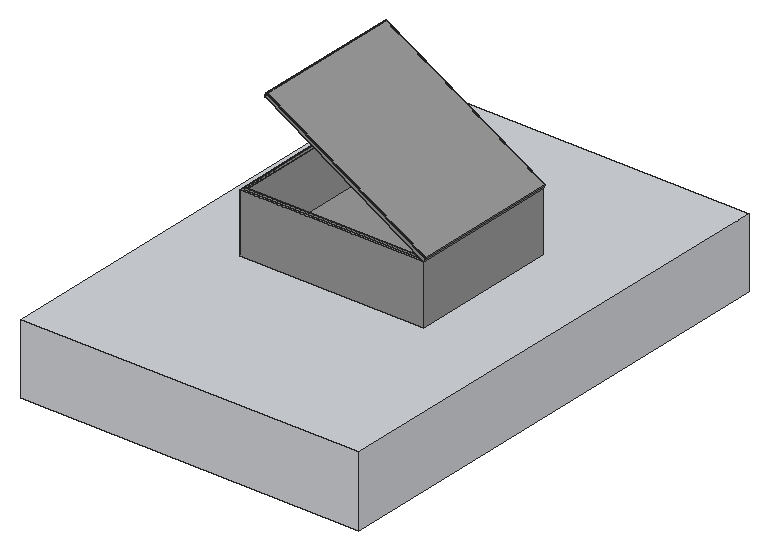
Revit family "Hager-Univers-IP55-D275-H650-Cl.II-Steel_encl-CH-de", category Equipement électrique, Revit 2020
Family settings
  Hôte = Face
  Configuration du panneau = Deux colonnes, circuits au sein
  Cote de connecteur circulaire = Utiliser le diamètre
  Type d'élément = Tableau de raccordement
  Couper avec des vides une fois chargée = Non
  Partagée = Non
  Point de calcul de pièce = Non
Parameters (values of type "Aufputz IP55 B800 H650 T275  - FR43S")
  Width Control [instance] = if([EF000008 - Breite] > Min Width, [EF000008 - Breite], Min Width)  # 800 mm
  Commentaires du type = [HG000003 - Bereich]  # "Univers"
  Thickness Door [instance] = if([EF009171 - Materialstärke Tür/Deckel] > 3 mm, 3 mm, [EF009171 - Materialstärke Tür/Deckel])  # 1.5 mm
  Seal Frame Offset [instance] = 17 mm  # constant formula
  Plinth Visibility [instance] = [HG000027 - Sockelhöhe] > 0 mm  # no
  Model = ""
  Min Width [instance] = 100 mm  # constant formula
  Min Height [instance] = 100 mm  # constant formula
  Min Depth [instance] = (2 * [EF009170 - Materialstärke Gehäuse]) + 1 mm  # 4 mm
  Internal Frame Depth [instance] = (Door System Depth * 0.5)  # 9 mm
  Height Control [instance] = if([EF000040 - Höhe] > Min Height, [EF000040 - Höhe], Min Height)  # 650 mm
  HG000027 - Sockelhöhe = 0 mm
  HG000026 - Stehend auf dem Boden = no
  HG000024 - Höhe des unteren Teils = 800 mm
  HG000023 - Gehäuse mit doppeltem Querschnitt = no
  HG000016 - 3D-Türsichtbarkeit [instance] = yes
  HG000015 - Sichtbarkeit der Türöffnung [instance] = no
  HG000014 - Tür rechts [instance] = yes
  HG000013 - Tür links [instance] = not([HG000014 - Tür rechts])  # no
  HG000012 - Türschwenkwinkel [instance] = 30.00°
  HG000010 - Asymmetrische Türen = no
  HG000009 - Doppelflügeligen Tür = no
  HG000006 - Unterputz = no
  HG000004 - Herstellerreferenz = "FR43S"
  HG000003 - Bereich = "Univers"
  HG000002 - Mit tür = yes
  Frame Offset Bottom [instance] = 10 mm  # constant formula
  Frame Offset [instance] = 15 mm  # constant formula
  EF015940 - Deckel mit Überdruckentlastung = no
  EF011959 - Schutzart (NEMA) = ""
  EF009554 - Anzahl der Öffnungen für Flanschplatten = 6
  Fabricant = "Hager"  # constant formula
  EF009212 - Ausführung Deckel = "EV000116 - geschlossen"
  EF009171 - Materialstärke Tür/Deckel = 1.5 mm
  EF009170 - Materialstärke Gehäuse = 1.5 mm
  EF008873 - Nennstrom (In) = 800 A
  EF007800 - Geeignet für Blitzschutz = no
  EF006306 - Mit Schloss = no
  EF006244 - Transparenter Deckel/Tür = no
  EF005474 - Schutzart (IP) = "EV006420 - IP55"
  EF004464 - Art der Tür = "EV002646 - Einzel"
  EF004427 - Anzahl der Module = 144
  EF004293 - Schlagfestigkeit = "EV008784 - IK10"
  EF003532 - Geeignet für Außengebrauch = no
  EF002950 - Breite in Teilungseinheiten = 24
  EF001613 - Funktionserhalt = "EV000494 - ohne"
  EF001596 - Werkstoff des Gehäuses = "EV000179 - Stahl"
  EF001131 - Innentiefe = 275 mm
  EF001088 - Anbaumöglichkeit = yes
  EF000437 - Anzahl der Leitungseinführungen = 6
  EF000339 - Art der Abdeckung = "EV004216 - Tür"
  EF000266 - Anzahl der Reihen = 4
  EF000218 - Einbautiefe = 0 mm
  EF000118 - Mit Montageplatte = no
  EF000116 - RAL-Nummer = "7035"
  EF000049 - Tiefe = 275 mm
  EF000040 - Höhe = 650 mm
  EF000008 - Breite = 800 mm
  EF000007 - Farbe = "EV000270 - grau"
  EF000003 - Montageart = "EV000384 - Aufputz"
  Door System Leaf Tolerance [instance] = 1.5 mm  # constant formula
  Door System Depth [instance] = 18 mm  # constant formula
  Door Height [instance] = Height Control - [HG000027 - Sockelhöhe]  # 650 mm
  Depth Control [instance] = if([EF000049 - Tiefe] > Min Depth, [EF000049 - Tiefe], Min Depth)  # 275 mm
  Default Elevation = 0 mm
  Connector Offset [instance] = Height Control / 2  # 325 mm
  Bottom Top Plate Trim [instance] = 1.5 mm  # constant formula
  Plinth height Ctrl [instance] = if([HG000027 - Sockelhöhe] > 0 mm, [HG000027 - Sockelhöhe], 12 mm)  # 12 mm
Types (5, lengths in mm): name | Width Control | HG000010 - Asymmetrische Türen | HG000009 - Doppelflügeligen Tür | HG000004 - Herstellerreferenz | EF009554 - Anzahl der Öffnungen für Flanschplatten | EF004464 - Art der Tür | EF004427 - Anzahl der Module | EF000437 - Anzahl der Leitungseinführungen | EF000008 - Breite
  Aufputz IP55 B1050 H650 T275  - FR44S | 1050 | no | yes | "FR44S" | 8 | "EV003602 - Doppel" | 192 | 8 | 1050
  Aufputz IP55 B1300 H650 T275  - FR45S | 1300 | yes | yes | "FR45S" | 10 | "EV003602 - Doppel" | 240 | 10 | 1300
  Aufputz IP55 B300 H650 T275  - FR41S | 300 | no | no | "FR41S" | 2 | "EV002646 - Einzel" | 48 | 2 | 300
  Aufputz IP55 B550 H650 T275  - FR42S | 550 | no | no | "FR42S" | 4 | "EV002646 - Einzel" | 96 | 4 | 550
  Aufputz IP55 B800 H650 T275  - FR43S | 800 | no | no | "FR43S" | 6 | "EV002646 - Einzel" | 144 | 6 | 800
Reference planes
  plane 1 "Center (Front/Back)": y = 0
  plane 2: z = 0
  plane 3 "Center (Left/Right)": x = 0
  plane 4: z = 275
  plane 5: y = 1.5
  plane 6: y = 325
  plane 7: y = 0
  plane 8: y = 650
  plane 9: z = 0
  plane 10: x = -385
  plane 11: x = 385
  plane 12: x = 383.5
  plane 13: x = -383.5
  plane 14: y = 648.5
  plane 15: x = -383
  plane 16: x = -400
  plane 17: x = 383
  plane 18: x = 400
  plane 19: x = 398.5
  plane 20: x = -398.5
  plane 21: y = 11.5
  plane 22: y = 650
  plane 23: y = 633.5
  plane 24: z = 257
  plane 25: z = 1.5
  plane 26: z = 255.5
  plane 27: z = 273.5
Forms (mm)
  Extrusion 1, solid
    sketch origin (0, 0, 0) x (1, 0, 0) y (0, 1, 0)
      loop
        line (-702.964, 1305) -> (-702.964, -811.445) -> (766.763, -811.445) -> (766.763, 1305) -> (-702.964, 1305)
    from 0 to -304.8
  Extrusion 2, solid, material "Hager_Steel_RAL7035_Light_Grey", visible <- "Plinth Visibility", detail levels medium+fine
    sketch origin (0, 0, 0) x (1, 0, 0) y (0, 1, 0)
      loop
        line (-400, 0) -> (400, 0) -> (400, 12) -> (-400, 12) -> (-400, 0)
    from 0 to 257
  Extrusion 3, solid, material "Hager_Steel_RAL7035_Light_Grey", detail levels medium+fine
    sketch origin (0, 0, 0) x (1, 0, 0) y (0, 1, 0)
      loop
        line (-400, 0) -> (400, 0) -> (400, 650) -> (-400, 650) -> (-400, 0)
    from 0 to 257
  Extrusion 4, void
    sketch origin (0, 0, 0) x (1, 0, 0) y (0, 1, 0)
      loop
        line (-398.5, 1.5) -> (398.5, 1.5) -> (398.5, 648.5) -> (-398.5, 648.5) -> (-398.5, 1.5)
    from 1.5 to 255.5
  Extrusion 5, void
    sketch origin (-381.607, -4572, 257) x (0, -1, 0) y (-1, 0, 0)
      loop
        line (-4583.5, 1.893) -> (-5205.5, 1.893) -> (-5205.5, -765.107) -> (-4583.5, -765.107) -> (-4583.5, 1.893)
    from 0 to 1.5 <- "EF009170 - Materialstärke Gehäuse"
  Extrusion 6, solid, material "Hager_Steel_RAL7035_Light_Grey", detail levels fine
    sketch origin (0, 0, 257) x (1, 0, 0) y (0, 1, 0)
      loop
        line (-383.5, 633.5) -> (-383.5, 11.5) -> (383.5, 11.5) -> (383.5, 633.5) -> (-383.5, 633.5)
      loop
        line (-385, 10) -> (385, 10) -> (385, 635) -> (-385, 635) -> (-385, 10)
    from 0 to 9 <- "Internal Frame Depth"
  Extrusion 7, solid, material "Hager_Steel_RAL7035_Light_Grey", detail levels coarse
    sketch origin (0, 0, 0) x (1, 0, 0) y (0, 1, 0)
      loop
        line (-400, 0) -> (400, 0) -> (400, 650) -> (-400, 650) -> (-400, 0)
    from 0 to 275
  Sweep 8, void
    path in 3D
      loop
        line (-400, 12, 0) -> (400, 12, 0) -> (400, 12, 257) -> (-400, 12, 257) -> (-400, 12, 0)
    profile origin (-400, 12, 128.5) x (-1, 0, 0) y (0, -1, 0)
      loop
        line (0, 0) -> (0, 1.5) -> (-1.5, 1.5)
        arc (-1.5, 1.5) -> (-1.061, 0.439) -> (0, 0) r 1.5
Cuts and joins
  Extrusion 4, Extrusion 5 cuts Extrusion 3
  Sweep 8 cuts Extrusion 2
Lines and regions (mm)
  Masking region 1
    outline origin (0, 0, 0) x (1, 0, 0) y (0, 0, 1)
      loop
        line (-400, 275) -> (-400, 0) -> (400, 0) -> (400, 275) -> (-400, 275)
  Masking region 2, detail levels medium+fine
    outline origin (0, 140, 0) x (0, 1, 0) y (0, 0, 1)
      loop
        line (-140, 0) -> (510, 0) -> (510, 257) -> (-140, 257) -> (-140, 0)
  Masking region 3, not visible, detail levels medium+fine
    outline origin (0, 297.922, 0) x (0, 1, 0) y (0, 0, 1)
      loop
        line (38.578, 0) -> (78.578, 0) -> (78.578, 263.5)
        arc (78.578, 263.5) -> (75.649, 270.571) -> (68.578, 273.5) r 10
        line (68.578, 273.5) -> (38.578, 273.5) -> (38.578, 0)
  Masking region 4, detail levels coarse
    outline origin (0, 0, 180) x (0, 1, 0) y (0, 0, 1)
      loop
        line (0, -180) -> (650, -180) -> (650, 95) -> (0, 95) -> (0, -180)
  Masking region 5, visible <- "Plinth Visibility", detail levels medium+fine
    outline origin (0, 52.24, 12.345) x (0, 0, -1) y (0, 1, 0)
      loop
        line (10.845, -40.24) -> (-243.155, -40.24)
        arc (-243.155, -40.24) -> (-243.594, -41.301) -> (-244.655, -41.74) r 1.5
        line (-244.655, -41.74) -> (-244.655, -52.24) -> (12.345, -52.24) -> (12.345, -41.74)
        arc (12.345, -41.74) -> (11.285, -41.301) -> (10.845, -40.24) r 1.5
  Masking region 6, detail levels medium+fine
    outline origin (-381.607, -4572, 257) x (-1, 0, 0) y (0, -1, 0)
      loop
        line (18.393, -5222) -> (18.393, -4572) -> (-781.607, -4572) -> (-781.607, -5222) -> (18.393, -5222)
  Masking region 7, visible <- "Plinth Visibility", detail levels medium+fine
    outline origin (-381.607, -4727, 257) x (-1, 0, 0) y (0, -1, 0)
      loop
        arc (16.893, -4739) -> (17.332, -4737.939) -> (18.393, -4737.5) r 1.5
        line (18.393, -4737.5) -> (18.393, -4727) -> (-781.607, -4727) -> (-781.607, -4737.5)
        arc (-781.607, -4737.5) -> (-780.546, -4737.939) -> (-780.107, -4739) r 1.5
        line (-780.107, -4739) -> (16.893, -4739)
  Masking region 8, detail levels coarse
    outline origin (-442.548, -4669.526, 257) x (-1, 0, 0) y (0, -1, 0)
      loop
        line (-42.548, -5319.526) -> (-42.548, -4669.526) -> (-842.548, -4669.526) -> (-842.548, -5319.526) -> (-42.548, -5319.526)
  sketch lines
    curve 1: line (-400, 12, 257) -> (-400, 12, 0)
    curve 2: line (400, 12, 257) -> (-400, 12, 257)
    curve 3: line (400, 12, 257) -> (400, 12, 0)
    curve 4: line (-400, 12, 0) -> (400, 12, 0)
Dimensions and locks
  "Depth Control": plane 4 to Extrusion 1
  "HG000027 - Sockelhöhe": plane 1 "Center (Front/Back)" to plane 7
  "EF009170 - Materialstärke Gehäuse": plane 5 to plane 7
  locked: connector elem to plane 3 "Center (Left/Right)"
  equal spacing: plane 8, plane 6, plane 7
  locked: connector elem to plane 6
  "EF009170 - Materialstärke Gehäuse": plane 8 to plane 14
  "EF009170 - Materialstärke Gehäuse": plane 10 to plane 13
  "EF009170 - Materialstärke Gehäuse": plane 12 to plane 11
  "Frame Offset": plane 20 to plane 13
  "Frame Offset": plane 12 to plane 19
  "EF009170 - Materialstärke Gehäuse": plane 16 to plane 20
  "EF009170 - Materialstärke Gehäuse": plane 19 to plane 18
  "Seal Frame Offset": plane 16 to plane 15
  "Seal Frame Offset": plane 17 to plane 18
  "Frame Offset Bottom": plane 21 to plane 5
  "Frame Offset": plane 14 to plane 23
  equal spacing: plane 16, plane 3 "Center (Left/Right)", plane 18
  "Width Control": plane 16 to plane 18
  "EF009170 - Materialstärke Gehäuse": plane 4 to plane 27
  "EF009170 - Materialstärke Gehäuse": plane 24 to plane 26
  "EF009170 - Materialstärke Gehäuse": plane 25 to level
  "Door System Depth": plane 4 to plane 24
  "Height Control": plane 1 "Center (Front/Back)" to Extrusion 7 sketch curve
  "Height Control": Masking region 4 sketch curve to plane 1 "Center (Front/Back)"
  "Height Control": plane 1 "Center (Front/Back)" to plane 22
  "Bottom Top Plate Trim": profile plane to Sweep 8 sketch curve
  "Bottom Top Plate Trim": Sweep 8 sketch curve to profile plane
  "Plinth height Ctrl": plane 1 "Center (Front/Back)" to Extrusion 2 sketch curve
  "Plinth height Ctrl": Masking region 5 sketch curve to plane 1 "Center (Front/Back)"
  "Plinth height Ctrl": plane 1 "Center (Front/Back)" to Masking region 7 sketch curve
  "Thickness Door": Extrusion 6 sketch curve to Extrusion 6 sketch curve  (x3)
  "Thickness Door": cut or joined group of Extrusion 3, Extrusion 4, Extrusion 5 to Extrusion 6 sketch curve
  radius of Masking region 3 sketch curve = 10 mm
  "Bottom Top Plate Trim": radius of Masking region 5 sketch curve  (x2)
  "Bottom Top Plate Trim": radius of Sweep 8 sketch curve
  "Bottom Top Plate Trim": radius of Masking region 7 sketch curve  (x2)
  aligned and locked: plane 2 to Extrusion 1
  aligned and locked: level to Extrusion 1
  aligned and locked: level to Masking region 1 sketch curve
  aligned and locked: Masking region 1 sketch curve to plane 18
  aligned and locked: Masking region 1 sketch curve to plane 16
  aligned and locked: plane 7 to Masking region 2 sketch curve
  aligned and locked: level to Masking region 3 sketch curve
  aligned and locked: Masking region 3 sketch curve to plane 27
  aligned and locked: level to Masking region 2 sketch curve
  aligned and locked: plane 1 "Center (Front/Back)" to Extrusion 2 sketch curve
  aligned and locked: Extrusion 3 sketch curve to plane 7
  aligned and locked: plane 16 to Extrusion 3 sketch curve
  aligned and locked: plane 18 to Extrusion 3 sketch curve
  aligned and locked: plane 20 to Extrusion 4 sketch curve
  aligned and locked: plane 19 to Extrusion 4 sketch curve
  aligned and locked: Extrusion 4 sketch curve to plane 5
  aligned and locked: Extrusion 4 to plane 25
  aligned and locked: plane 26 to Extrusion 4
  aligned and locked: plane 24 to Extrusion 3
  aligned and locked: Extrusion 5 sketch curve to plane 21
  aligned and locked: Extrusion 5 sketch curve to plane 13
  aligned and locked: Extrusion 5 sketch curve to plane 12
  aligned and locked: plane 18 to Extrusion 7 sketch curve
  aligned and locked: plane 1 "Center (Front/Back)" to Extrusion 7 sketch curve
  aligned and locked: plane 16 to Extrusion 7 sketch curve
  aligned and locked: plane 4 to Extrusion 7
  aligned and locked: Extrusion 7 to level
  aligned and locked: level to Masking region 4 sketch curve
  aligned and locked: Masking region 4 sketch curve to plane 1 "Center (Front/Back)"
  aligned and locked: Masking region 4 sketch curve to plane 4
  aligned and locked: nested 1 to level
  aligned and locked: nested 1 to plane 16
  aligned and locked: plane 8 to Extrusion 3 sketch curve
  aligned and locked: plane 23 to Extrusion 5 sketch curve
  aligned and locked: plane 14 to Extrusion 4 sketch curve
  aligned and locked: Masking region 2 sketch curve to plane 8
  aligned and locked: level to Masking region 5 sketch curve
  aligned and locked: plane 16 to Extrusion 2 sketch curve
  aligned and locked: plane 18 to Extrusion 2 sketch curve
  aligned and locked: Masking region 5 sketch curve to plane 24
  aligned and locked: Masking region 2 sketch curve to plane 24
  aligned and locked: plane 24 to Extrusion 2
  aligned and locked: profile plane to Sweep 8 sketch curve  (x2)
  aligned and locked: Masking region 6 sketch curve to plane 18
  aligned and locked: Masking region 6 sketch curve to plane 22
  aligned and locked: Masking region 6 sketch curve to plane 16
  aligned and locked: plane 8 to plane 22
  aligned and locked: Masking region 6 sketch curve to plane 7
  aligned and locked: Masking region 7 sketch curve to plane 16
  aligned and locked: Masking region 7 sketch curve to plane 1 "Center (Front/Back)"
  aligned and locked: Masking region 7 sketch curve to plane 18
  aligned and locked: Masking region 8 sketch curve to plane 1 "Center (Front/Back)"
  aligned and locked: Masking region 8 sketch curve to plane 18
  aligned and locked: Masking region 8 sketch curve to plane 22
  aligned and locked: Masking region 8 sketch curve to plane 16
  aligned and locked: nested 2 to plane 7
  aligned and locked: plane 3 "Center (Left/Right)" to nested 2
  aligned and locked: nested 2 to plane 24
  aligned and locked: Extrusion 6 sketch curve to cut or joined group of Extrusion 3, Extrusion 4, Extrusion 5  (x4)
Automatic sketch dimensions
  Extrusion 1 sketch curve to Extrusion 1 sketch curve = 1469.727 mm
  Extrusion 1 sketch curve to Extrusion 1 sketch curve = 2116.445 mm
  Masking region 1 sketch curve to plane 4 = 0 mm
  plane 6 to Masking region 3 sketch curve = 11.5 mm
  Masking region 3 sketch curve to Masking region 3 sketch curve = 30 mm
  Masking region 5 sketch curve to plane 1 "Center (Front/Back)" = 0 mm
Nested families
  nested 1: "Hager_Enclosure_Symbol" at (-400, 0, 0) x (1, 0, 0) z (0, -1, 0), Height <- "Depth Control", Width <- "Width Control", type "Hager_Enclosure_Symbol"
    with Width_Ctrl 800 mm, Width 800 mm, Height_Ctrl 275 mm, Height 275 mm, A_Width_Int 18.047 mm, A_Width 216.562 mm, A_Height_Ctrl 240.625 mm, A_Height 240.625 mm
  nested 2: "EC000058_Univers_Door" at (0, 0, 257) x (1, 0, 0) z (0, 1, 0), Leaf_Tolerance <- "Door System Leaf Tolerance", Angle <- "HG000012 - Türschwenkwinkel", Door_Depth <- "Door System Depth", Door_Left <- "HG000013 - Tür links", Transparent <- "EF006244 - Transparenter Deckel/Tür", Assymetrical <- "HG000010 - Asymmetrische Türen", Width <- "Width Control", Clearance <- "HG000015 - Sichtbarkeit der Türöffnung", Double <- "HG000009 - Doppelflügeligen Tür", 3d_Door <- "HG000016 - 3D-Türsichtbarkeit", Lock_Visibility <- "EF006306 - Mit Schloss", Width_Ctrl <- "Width Control", Door_Right <- "HG000014 - Tür rechts", Door <- "HG000002 - Mit tür", Height <- "Door Height", Thickness <- "Thickness Door", type "EC000058_Univers_Door", detail levels medium+fine
    with min_wh 4 mm, Width_Ctrl 800 mm, Width 800 mm, Transparent no, Thickness 1.5 mm, Seal_Material Hager_Rubber, Lock_Visibility no, Lock_Material Hager_Plastic_RAL9005_Jet_Black, Leaf_Width 800 mm, Leaf_Tolerance_External_Sides 0 mm, Leaf_Tolerance 1.5 mm, Leaf_Offset 0 mm, Leaf_Height 647 mm, Leaf_2_Width 800 mm, Leaf_2_Offset 400 mm, Leaf_1_Width 800 mm, Leaf_1_Offset 400 mm, Height_Ctrl 650 mm, Height 650 mm, Glass_Material Hager_Glass, Double_Clearance_Ctrl no, Double no, Door_Right_Ctrl yes, Door_Right yes, Door_Material Hager_Steel_RAL7035_Light_Grey, Door_Left_Ctrl no, Door_Left no, Door_Depth 18 mm, Door yes, Clearance_Material Hager_Clearance, Clearance_Depth 800 mm, Clearance_Ctrl no, Clearance no, Assymetrical no, Angle 30.00°, 3d_Door yes
Connectors
  electrical at (0, 325, 0)
    settings: on plane 9, index 1, voltage 0 V, apparent load 0 VA, apparent load phase1 0 VA, apparent load phase2 0 VA, apparent load phase3 0 VA, power factor 1, load classification "Other", number of poles 1, system type 30, power factor state 1, is connector primary yes, connector utility no, sub classification motor no, connector description ""
Definition of nested family "EC000058_Univers_Door"
  Parameters (values of type "EC000058_Univers_Door")
    min_wh [instance] = (2 * Thickness) + 1 mm  # 11 mm
    Width_Ctrl [instance] = 400 mm
    Width [instance] = 500 mm
    Transparent [instance] = yes
    Thickness [instance] = 5 mm
    Seal_Material [instance] = none
    Lock_Visibility [instance] = yes
    Lock_Material [instance] = none
    Leaf_Width [instance] = if((Width_Ctrl - 2 * Leaf_Tolerance_External_Sides) > 0 mm, (Width_Ctrl - 2 * Leaf_Tolerance_External_Sides), min_wh)  # 400 mm
    Leaf_Tolerance_External_Sides [instance] = 0 mm  # constant formula
    Leaf_Tolerance [instance] = 1.5 mm
    Leaf_Offset [instance] = 0 mm  # constant formula
    Leaf_Height [instance] = if((Height_Ctrl - 2 * Leaf_Tolerance) > 0 mm, (Height_Ctrl - 2 * Leaf_Tolerance), min_wh)  # 497 mm
    Leaf_2_Width [instance] = if(and(and(Double, Assymetrical), Door_Left), (Leaf_Width / 3) - (Leaf_Tolerance / 2), if(and(and(Double, Assymetrical), Door_Right), (Leaf_Width / 3) * 2 - (Leaf_Tolerance / 2), if(and(Double, not(Assymetrical)), (Leaf_Width / 2) - Leaf_Tolerance, Leaf_Width)))  # 400 mm
    Leaf_2_Offset [instance] = if(and(Double, Assymetrical), Leaf_2_Width / 2, if(and(Double, not(Assymetrical)), Leaf_Width / 4, Leaf_Width / 2))  # 200 mm
    Leaf_1_Width [instance] = if(and(and(Double, Assymetrical), Door_Right), (Leaf_Width / 3) - (Leaf_Tolerance / 2), if(and(and(Double, Assymetrical), Door_Left), (Width / 3) * 2 - (Leaf_Tolerance / 2), if(and(Double, not(Assymetrical)), (Leaf_Width / 2) - Leaf_Tolerance, Leaf_Width)))  # 400 mm
    Leaf_1_Offset [instance] = if(and(Double, Assymetrical), Leaf_1_Width / 2, if(and(Double, not(Assymetrical)), Leaf_Width / 4, Leaf_Width / 2))  # 200 mm
    Height_Ctrl [instance] = if(Height > min_wh, Height, min_wh)  # 500 mm
    Height [instance] = 500 mm
    Glass_Material [instance] = none
    Double_Clearance_Ctrl [instance] = and(Double, Clearance)  # no
    Double [instance] = no
    Door_Right_Ctrl [instance] = and(or(Door_Right, Double), Door)  # yes
    Door_Right [instance] = yes
    Door_Material [instance] = none
    Door_Left_Ctrl [instance] = and(or(Door_Left, Double), Door)  # no
    Door_Left [instance] = no
    Door_Depth [instance] = 30 mm
    Door [instance] = yes
    Default Elevation = 1219.2 mm
    Clearance_Material [instance] = none
    Clearance_Depth [instance] = if(Leaf_1_Width > Leaf_2_Width, Leaf_1_Width, Leaf_2_Width)  # 400 mm
    Clearance_Ctrl [instance] = and(not(Double), Clearance)  # yes
    Clearance [instance] = yes
    Assymetrical [instance] = yes
    Angle [instance] = 30.00°
    3d_Door [instance] = yes
  Reference planes
    plane 1 "Center (Front/Back)": y = 0
    plane 2 "Bottom": z = 0
    plane 3 "Center (Left/Right)": x = 0
    plane 4: z = 500
    plane 5: x = -200
    plane 6: x = 200
    plane 7: z = 500
    plane 8: x = -200
    plane 9: z = 0
    plane 10: x = 200
    plane 11: y = 0
    plane 12: z = 1.5
    plane 13: x = -600
    plane 14: y = -400
    plane 15: x = 600
    plane 16: x = 0
    plane 17: x = 0
    plane 18: x = -200
    plane 19: x = 200
    plane 20: z = 498.5
  Forms (mm)
    Extrusion 1, solid, material <- "Clearance_Material", visible <- "Double_Clearance_Ctrl"
      sketch origin (1200, 0, 0) x (1, 0, 0) y (0, 0, -1)
        loop
          line (-1800, -498.5) -> (-600, -498.5) -> (-600, 0) -> (-1800, 0) -> (-1800, -498.5)
      from 0 to -400
  Dimensions and locks
    equal spacing: plane 5, plane 3 "Center (Left/Right)", plane 6
    "Width_Ctrl": plane 5 to plane 6
    "Leaf_Offset": plane 5 to plane 8
    "Leaf_Offset": plane 6 to plane 10
    "Leaf_Offset": plane 9 to level
    "Leaf_Offset": plane 4 to plane 7
    "Height_Ctrl": plane 4 to level
    "Leaf_Tolerance": plane 12 to plane 9
    locked: plane 11 to plane 1 "Center (Front/Back)"
    "Leaf_1_Offset": plane 18 to plane 16
    "Leaf_2_Offset": plane 17 to plane 19
    "Leaf_1_Width": plane 13 to plane 8
    "Leaf_2_Width": plane 10 to plane 15
    "Clearance_Depth": plane 14 to plane 1 "Center (Front/Back)"
    "Leaf_Tolerance_External_Sides": plane 8 to plane 18
    "Leaf_Tolerance_External_Sides": plane 19 to plane 10
    "Leaf_Tolerance": plane 7 to plane 20
    aligned and locked: level to plane 2 "Bottom"
    aligned and locked: nested 1 to plane 16
    aligned and locked: nested 2 to plane 17
    aligned and locked: Extrusion 1 to plane 13
    aligned and locked: plane 15 to Extrusion 1
    aligned and locked: Extrusion 1 to plane 14
    aligned and locked: plane 12 to nested 1
    aligned and locked: nested 2 to plane 12
    aligned and locked: Extrusion 1 to plane 11
    aligned and locked: plane 20 to Extrusion 1
    aligned and locked: nested 2 to plane 11
    aligned and locked: nested 1 to plane 11
  Automatic sketch dimensions
    Extrusion 1 sketch curve to level = 0 mm
    plane 5 to Extrusion 1 sketch curve = 400 mm
    plane 6 to Extrusion 1 sketch curve = 400 mm
    Extrusion 1 sketch curve to plane 4 = 1.5 mm
  Nested families
    nested 1: "EC000058_Univers_Door_Leaf" at (0, 0, 1.5), Width <- "Leaf_1_Width", visible <- "Door_Left_Ctrl", Leaf_Height <- "Leaf_Height", Angle <- "Angle", 3d_Door <- "3d_Door", Transparent <- "Transparent", Clearance Material <- "Clearance_Material", Clearance <- "Clearance_Ctrl", Door_Material <- "Door_Material", Glass_Material <- "Glass_Material", Door_Depth <- "Door_Depth", Lock_Material <- "Lock_Material", Seal_Material <- "Seal_Material", Lock_Visibility <- "Lock_Visibility", Thickness <- "Thickness", type "EC000058_Univers_Door_Leaf"
      with Width 400 mm, Transparent_Glass_Offset 30 mm, Transparent_Ctrl yes, Transparent yes, Thickness 5 mm, Standard no, Seal_Material none, Seal_D2 8 mm, Seal_D1 1 mm, Offset_Internal_Frame 10 mm, Lock_Width 20 mm, Lock_Visibility_3d yes, Lock_Visibility yes, Lock_Thickness_3 3 mm, Lock_Thickness_2 1 mm, Lock_Thickness_1 3 mm, Lock_Radius_Offset_2 16 mm, Lock_Radius_Offset_1 15 mm, Lock_Radius_2 5 mm, Lock_Radius 6 mm, Lock_Offset 5 mm, Lock_Material none, Lock_Height 80 mm, Lock_Cover_Top_Offset_2d 17 mm, Lock_Cover_Height -65 mm, Leaf_Height 497 mm, Internal_Seal_Thickness 8 mm, Internal_Seal_Depth_2 4.5 mm, Internal_Frame_Depth 25 mm, Glass_Thickness -1 mm, Glass_Offset -2 mm, Glass_Material none, Door_Material none, Door_Depth 30 mm, Clearance Material none, Clearance yes, Angle_Ctrl 30.00°, Angle 30.00°, 3d_Door yes
    nested 2: "EC000058_Univers_Door_Leaf" at (0, 0, 1.5) x (-1, 0, 0) z (0, 0, 1), Width <- "Leaf_2_Width", visible <- "Door_Right_Ctrl", Leaf_Height <- "Leaf_Height", Angle <- "Angle", 3d_Door <- "3d_Door", Transparent <- "Transparent", Clearance Material <- "Clearance_Material", Clearance <- "Clearance_Ctrl", Door_Material <- "Door_Material", Glass_Material <- "Glass_Material", Door_Depth <- "Door_Depth", Lock_Material <- "Lock_Material", Seal_Material <- "Seal_Material", Lock_Visibility <- "Lock_Visibility", Thickness <- "Thickness", type "EC000058_Univers_Door_Leaf"
      with Width 400 mm, Transparent_Glass_Offset 30 mm, Transparent_Ctrl yes, Transparent yes, Thickness 5 mm, Standard no, Seal_Material none, Seal_D2 8 mm, Seal_D1 1 mm, Offset_Internal_Frame 10 mm, Lock_Width 20 mm, Lock_Visibility_3d yes, Lock_Visibility yes, Lock_Thickness_3 3 mm, Lock_Thickness_2 1 mm, Lock_Thickness_1 3 mm, Lock_Radius_Offset_2 16 mm, Lock_Radius_Offset_1 15 mm, Lock_Radius_2 5 mm, Lock_Radius 6 mm, Lock_Offset 5 mm, Lock_Material none, Lock_Height 80 mm, Lock_Cover_Top_Offset_2d 17 mm, Lock_Cover_Height -65 mm, Leaf_Height 497 mm, Internal_Seal_Thickness 8 mm, Internal_Seal_Depth_2 4.5 mm, Internal_Frame_Depth 25 mm, Glass_Thickness -1 mm, Glass_Offset -2 mm, Glass_Material none, Door_Material none, Door_Depth 30 mm, Clearance Material none, Clearance yes, Angle_Ctrl 30.00°, Angle 30.00°, 3d_Door yes
  Definition of nested family "EC000058_Univers_Door_Leaf"
    Parameters (values of type "EC000058_Univers_Door_Leaf")
      Width [instance] = 2000 mm
      Transparent_Glass_Offset [instance] = 30 mm
      Transparent_Ctrl [instance] = and(Transparent, [3d_Door])  # yes
      Transparent [instance] = yes
      Thickness [instance] = 5 mm
      Standard [instance] = and(not(Transparent), [3d_Door])  # no
      Seal_Material [instance] = none
      Seal_D2 [instance] = 8 mm  # constant formula
      Seal_D1 [instance] = 1 mm  # constant formula
      Offset_Internal_Frame [instance] = 10 mm  # constant formula
      Lock_Width [instance] = 20 mm  # constant formula
      Lock_Visibility_3d [instance] = and(Lock_Visibility, [3d_Door])  # yes
      Lock_Visibility [instance] = yes
      Lock_Thickness_3 [instance] = 3 mm  # constant formula
      Lock_Thickness_2 [instance] = 1 mm  # constant formula
      Lock_Thickness_1 [instance] = 3 mm  # constant formula
      Lock_Radius_Offset_2 [instance] = Lock_Radius_Offset_1 + 1 mm  # 16 mm
      Lock_Radius_Offset_1 [instance] = 15 mm  # constant formula
      Lock_Radius_2 [instance] = Lock_Radius - 1 mm  # 5 mm
      Lock_Radius [instance] = 6 mm  # constant formula
      Lock_Offset [instance] = 5 mm  # constant formula
      Lock_Material [instance] = none
      Lock_Height [instance] = 80 mm  # constant formula
      Lock_Cover_Top_Offset_2d [instance] = Lock_Radius_Offset_2 + 1 mm  # 17 mm
      Lock_Cover_Height [instance] = -(Lock_Height - Lock_Radius_Offset_1)  # -65 mm
      Leaf_Height [instance] = 2720.336 mm
      Internal_Seal_Thickness [instance] = 8 mm  # constant formula
      Internal_Seal_Depth_2 [instance] = 4.5 mm  # constant formula
      Internal_Frame_Depth [instance] = if(Door_Depth - Thickness > 5 mm, Door_Depth - Thickness, 5 mm)  # 25 mm
      Glass_Thickness [instance] = if(Thickness > 15 mm, Glass_Offset + 10 mm, -1 mm)  # -1 mm
      Glass_Offset [instance] = if(Thickness > 15 mm, -(Thickness + 10 mm) / 2, -2 mm)  # -2 mm
      Glass_Material [instance] = none
      Door_Material [instance] = none
      Door_Depth [instance] = 30 mm
      Default Elevation = 0 mm
      Clearance Material [instance] = none
      Clearance [instance] = yes
      Angle_Ctrl [instance] = if(Angle > 180.00°, 180.00°, Angle)  # 90.00°
      Angle [instance] = 90.00°
      3d_Door [instance] = yes
    Reference planes
      plane 1 "Center (Front/Back)": y = 0
      plane 2: z = 0
      plane 3 "Center (Left/Right)": x = 0
      plane 4: y = 2000
      plane 5: x = -1000
      plane 6: x = 1000
      plane 7: x = -3000
      plane 8: z = 2720.336
      plane 9: z = 30
      plane 10: z = 2690.336
      plane 11: x = 970
      plane 12: x = -970
      plane 13: y = -3
      plane 14: z = 107.833
      plane 15: y = -5
      plane 16: y = -223.314
      plane 17: x = -1000
      plane 18: z = 1360.168
      plane 19: y = 30
    Forms (mm)
      Extrusion 1, solid, material <- "Clearance Material", visible <- "Clearance"
        sketch origin (0, 0, 0) x (1, 0, 0) y (0, 0, 1)
          loop
            line (-3000, 2720.336) -> (-3000, 0) -> (1000, 0) -> (1000, 2720.336) -> (-3000, 2720.336)
        from 0 to -2000
      Extrusion 2, solid, material <- "Door_Material", visible <- "Standard", detail levels medium+fine
        sketch origin (-1000, 0, 0) x (0, 1, 0) y (-1, 0, 0)
          loop
            line (0, 30) -> (0, 25) -> (2000, 25) -> (2000, 30) -> (0, 30)
        from 0 to 2720.336 <- "Leaf_Height"
      Extrusion 3, solid, material <- "Door_Material", visible <- "Transparent_Ctrl", detail levels medium+fine
        sketch origin (-1000, 0, 0) x (0, 1, 0) y (-1, 0, 0)
          loop
            line (0, 25) -> (2000, 25) -> (2000, 30) -> (0, 30) -> (0, 25)
        from 0 to 2720.336 <- "Leaf_Height"
      Extrusion 4, void
        sketch origin (-1025, 2000, 0) x (0, 1, 0) y (0, 0, -1)
          loop
            line (-30, -2690.336) -> (-30, -30) -> (-1970, -30) -> (-1970, -2690.336) -> (-30, -2690.336)
        from 0 to 5 <- "Thickness"
      Sweep 5, solid, material <- "Seal_Material", visible <- "Transparent_Ctrl", detail levels fine
        path in 3D
          loop
            line (-1025, 30, 30) -> (-1025, 30, 2690.336) -> (-1025, 1970, 2690.336) -> (-1025, 1970, 30) -> (-1025, 30, 30)
        profile origin (-1025, 1000, 30) x (1, 0, 0) y (0, 0, 1)
          loop
            line (0, 0) -> (0, -8) -> (1, -8) -> (1, 0) -> (0, 0)
      Extrusion 6, solid, material <- "Glass_Material", visible <- "Transparent_Ctrl", detail levels medium+fine
        sketch origin (-1030, 0, 0) x (0, 1, 0) y (0, 0, -1)
          loop
            line (1970, -2690.336) -> (1970, -30) -> (30, -30) -> (30, -2690.336) -> (1970, -2690.336)
        from -2 <- "Glass_Offset" to -1 <- "Glass_Thickness"
      Extrusion 7, solid, material <- "Door_Material", visible <- "3d_Door", detail levels medium+fine
        sketch origin (-1025, 2000, 0) x (0, -1, 0) y (0, 0, -1)
          loop
            line (0, -2720.336) -> (2000, -2720.336) -> (2000, 0) -> (0, 0) -> (0, -2720.336)
          loop
            line (1995, -5) -> (5, -5) -> (5, -2715.336) -> (1995, -2715.336) -> (1995, -5)
        from 0 to 25 <- "Internal_Frame_Depth"
      Sweep 8, solid, material <- "Seal_Material", visible <- "Transparent_Ctrl", detail levels fine
        path in 3D
          loop
            line (-1025, 0, 0) -> (-1025, 2000, 0) -> (-1025, 2000, 2720.336) -> (-1025, 0, 2720.336) -> (-1025, 0, 0)
        profile origin (-1025, 0, 1360.168) x (1, 0, 0) y (0, 1, 0)
          loop
            line (0, 10) -> (2.975, 10)
            arc (2.975, 10) -> (4.053, 10.447) -> (4.5, 11.525) r 1.525
            line (4.5, 11.525) -> (4.5, 16.527)
            arc (4.5, 16.527) -> (4.069, 17.569) -> (3.027, 18) r 1.473
            line (3.027, 18) -> (0, 18) -> (0, 10)
      Extrusion 9, solid, material <- "Lock_Material", visible <- "Lock_Visibility_3d", detail levels fine
        sketch origin (-1030, 0, 0) x (0, 1, 0) y (0, 0, -1)
          loop
            arc (1993.5, -1400.168) -> (1994.561, -1399.729) -> (1995, -1398.668) r 1.5
            line (1995, -1398.668) -> (1995, -1320.168) -> (1975, -1320.168) -> (1975, -1398.668)
            arc (1975, -1398.668) -> (1975.439, -1399.729) -> (1976.5, -1400.168) r 1.5
            line (1976.5, -1400.168) -> (1993.5, -1400.168)
        from 3 <- "Lock_Thickness_1" to 0
      Blend 10, solid, material <- "Lock_Material", visible <- "Lock_Visibility_3d", detail levels fine
        base sketch origin (-1033, 0, 0) x (0, 1, 0) y (0, 0, -1)
          loop
            line (1975, -1320.168) -> (1975, -1398.668)
            arc (1975, -1398.668) -> (1975.439, -1399.729) -> (1976.5, -1400.168) r 1.5
            line (1976.5, -1400.168) -> (1993.5, -1400.168)
            arc (1993.5, -1400.168) -> (1994.561, -1399.729) -> (1995, -1398.668) r 1.5
            line (1995, -1398.668) -> (1995, -1320.168) -> (1975, -1320.168)
        top sketch origin (-1033, 0, 0) x (0, 1, 0) y (0, 0, -1)
          loop
            line (1976, -1320.168) -> (1976, -1398.668)
            arc (1976, -1398.668) -> (1976.146, -1399.022) -> (1976.5, -1399.168) r 0.5
            line (1976.5, -1399.168) -> (1993.5, -1399.168)
            arc (1993.5, -1399.168) -> (1993.854, -1399.022) -> (1994, -1398.668) r 0.5
            line (1994, -1398.668) -> (1994, -1320.168) -> (1976, -1320.168)
        from 0 to 1 <- "Lock_Thickness_2"
      Blend 11, solid, material <- "Lock_Material", visible <- "Lock_Visibility_3d", detail levels fine
        base sketch origin (-1034, 0, 0) x (0, 1, 0) y (0, 0, -1)
          loop
            line (1978, -1320.168) -> (1978, -1384.168)
            arc (1978, -1384.168) -> (1985, -1391.168) -> (1992, -1384.168) r 7
            line (1992, -1384.168) -> (1992, -1320.168) -> (1978, -1320.168)
        top sketch origin (-1034, 0, 0) x (0, 1, 0) y (0, 0, -1)
          loop
            line (1991, -1320.168) -> (1979, -1320.168) -> (1979, -1383.168)
            arc (1979, -1383.168) -> (1985, -1389.168) -> (1991, -1383.168) r 6
            line (1991, -1383.168) -> (1991, -1320.168)
        from 0 to 3 <- "Lock_Thickness_3"
      Extrusion 12, solid, material <- "Lock_Material", visible <- "Lock_Visibility_3d", detail levels fine
        sketch origin (-1030, 1975, 1320.168) x (1, 0, 0) y (0, -1, 0)
          loop
            line (-7, -19) -> (-7, -1) -> (0, -1) -> (0, 0) -> (-8, 0) -> (-8, -20) -> (0, -20) -> (0, -19) -> (-7, -19)
        from 0 to -65 <- "Lock_Cover_Height"
      Extrusion 13, void
        sketch origin (-1038, 1995, 1320.168) x (-1, 0, 0) y (0, 0, -1)
          loop
            line (-5, -65) -> (0, -65) -> (-5, -60) -> (-5, -65)
        from 0 to 20 <- "Lock_Width"
      Extrusion 14, void
        sketch origin (-1038, 1975, 1320.168) x (0, -1, 0) y (0, 0, -1)
          loop
            circle (-10, -15.995) r 6
          loop
            circle (-10, -15.995) r 5
        from 0 to 2
      Extrusion 15, solid, material <- "Lock_Material", visible <- "Lock_Visibility_3d", detail levels medium
        sketch origin (-1030, 0, 0) x (0, 1, 0) y (0, 0, -1)
          loop
            arc (1993.5, -1400.168) -> (1994.561, -1399.729) -> (1995, -1398.668) r 1.5
            line (1995, -1398.668) -> (1995, -1320.168) -> (1975, -1320.168) -> (1975, -1398.668)
            arc (1975, -1398.668) -> (1975.439, -1399.729) -> (1976.5, -1400.168) r 1.5
            line (1976.5, -1400.168) -> (1993.5, -1400.168)
        from 8 to 0
    Cuts and joins
      Extrusion 4 cuts Extrusion 3
      Extrusion 13, Extrusion 14 cuts Extrusion 9
      Extrusion 14 cuts Blend 11
      Extrusion 13, Extrusion 14 cuts Extrusion 12
      joined: Extrusion 9, Blend 10, Blend 11, Extrusion 12
      Extrusion 14 cuts Extrusion 15
    Lines and regions (mm)
      Masking region 1, visible <- "Lock_Visibility", detail levels fine
        outline origin (0, 0, 0) x (0, 1, 0) y (0, 0, 1)
          loop
            line (30, 1320.168) -> (33, 1320.168) -> (33, 1400.168) -> (30, 1400.168) -> (30, 1320.168)
      Masking region 2, visible <- "Lock_Visibility", detail levels fine
        outline origin (0, 3.143, 0) x (0, 1, 0) y (0, 0, 1)
          loop
            line (29.857, 1354.168) -> (30.857, 1354.168) -> (30.857, 1366.168) -> (29.857, 1366.168) -> (29.857, 1354.168)
      Masking region 3, detail levels medium+fine
        outline origin (0, 0, 0) x (0, 1, 0) y (0, 0, 1)
          loop
            line (0, 0) -> (30, 0) -> (30, 2720.336) -> (0, 2720.336) -> (0, 0)
      Masking region 4, detail levels medium+fine
        outline origin (0, 0, 0) x (1, 0, 0) y (0, 0, 1)
          loop
            line (-1000, 2720.336) -> (-1000, 0) -> (1000, 0) -> (1000, 2720.336) -> (-1000, 2720.336)
      Masking region 5, visible <- "Lock_Visibility", detail levels fine
        outline origin (-47.116, 0, 0) x (1, 0, 0) y (0, 0, 1)
          loop
            arc (1024.616, 1399.168) -> (1023.556, 1398.729) -> (1023.116, 1397.668) r 1.5
            line (1023.116, 1397.668) -> (1023.116, 1320.168) -> (1041.116, 1320.168) -> (1041.116, 1397.668)
            arc (1041.116, 1397.668) -> (1040.677, 1398.729) -> (1039.616, 1399.168) r 1.5
            line (1039.616, 1399.168) -> (1024.616, 1399.168)
      Masking region 6, visible <- "Lock_Visibility", detail levels medium+fine
        outline origin (-25, 0, 0) x (1, 0, 0) y (0, 0, 1)
          loop
            arc (1001.5, 1400.168) -> (1000.439, 1399.729) -> (1000, 1398.668) r 1.5
            line (1000, 1398.668) -> (1000, 1320.168) -> (1020, 1320.168) -> (1020, 1398.668)
            arc (1020, 1398.668) -> (1019.561, 1399.729) -> (1018.5, 1400.168) r 1.5
            line (1018.5, 1400.168) -> (1001.5, 1400.168)
      Masking region 7, visible <- "Lock_Visibility", detail levels fine
        outline origin (-73.735, 0, 0) x (1, 0, 0) y (0, 0, 1)
          loop
            line (1051.735, 1382.168) -> (1065.735, 1382.168) -> (1065.735, 1384.168)
            arc (1065.735, 1384.168) -> (1058.735, 1391.168) -> (1051.735, 1384.168) r 7
            line (1051.735, 1384.168) -> (1051.735, 1382.168)
      Masking region 8, visible <- "Lock_Visibility", detail levels fine
        outline origin (-73.735, 0, 0) x (1, 0, 0) y (0, 0, 1)
          loop
            line (1052.735, 1382.168) -> (1064.735, 1382.168) -> (1064.735, 1383.168)
            arc (1064.735, 1383.168) -> (1058.735, 1389.168) -> (1052.735, 1383.168) r 6
            line (1052.735, 1383.168) -> (1052.735, 1382.168)
      Masking region 9, visible <- "Lock_Visibility", detail levels fine
        outline origin (-25, 0, 0) x (1, 0, 0) y (0, 0, 1)
          loop
            line (1020, 1320.168) -> (1020, 1382.168) -> (1000, 1382.168) -> (1000, 1320.168) -> (1020, 1320.168)
      Masking region 10, detail levels medium+fine
        outline origin (0, 0, 0) x (1, 0, 0) y (0, 0, 1)
          loop
            circle (985, 1335.144) r 6
      Masking region 11, detail levels fine
        outline origin (0, 0, 0) x (1, 0, 0) y (0, 0, 1)
          loop
            circle (985, 1335.144) r 5
      Masking region 12, visible <- "Lock_Visibility", detail levels fine
        outline origin (0, 12.767, 0) x (0, 1, 0) y (0, 0, 1)
          loop
            line (20.233, 1320.168) -> (21.233, 1320.168) -> (21.233, 1399.168) -> (20.233, 1400.168) -> (20.233, 1320.168)
      Masking region 13, visible <- "Lock_Visibility", detail levels fine
        outline origin (0, 13.767, -10) x (0, 1, 0) y (0, 0, 1)
          loop
            line (20.233, 1330.168) -> (23.233, 1330.168) -> (23.233, 1399.168) -> (20.233, 1402.168) -> (20.233, 1330.168)
      Masking region 14, visible <- "Lock_Visibility", detail levels fine
        outline origin (0, 12.767, -10) x (0, 1, 0) y (0, 0, 1)
          loop
            line (20.233, 1330.168) -> (25.233, 1330.168) -> (25.233, 1399.305) -> (20.233, 1394.305) -> (20.233, 1330.168)
      Masking region 15, visible <- "Lock_Visibility", detail levels medium
        outline origin (0, 0, 0) x (0, 1, 0) y (0, 0, 1)
          loop
            line (30, 1320.168) -> (38, 1320.168) -> (38, 1400.168) -> (30, 1400.168) -> (30, 1320.168)
      Masking region 16, visible <- "Lock_Visibility", detail levels fine
        outline origin (-1000, 0, 0) x (0, 1, 0) y (-1, 0, 0)
          loop
            line (1975, 30) -> (1995, 30) -> (1995, 38) -> (1975, 38) -> (1975, 30)
          loop
            line (1979, 37) -> (1976, 37) -> (1976, 34) -> (1978, 34) -> (1979, 37)
          loop
            line (1994, 37) -> (1991, 37) -> (1992, 34) -> (1994, 34) -> (1994, 37)
      Masking region 17, visible <- "Lock_Visibility", detail levels medium
        outline origin (-1000, 0, 0) x (0, 1, 0) y (-1, 0, 0)
          loop
            line (1975, 30) -> (1995, 30) -> (1995, 38) -> (1975, 38) -> (1975, 30)
      symbolic lines
        curve 1: line (1000, 0, 0) -> (-3000, 0, 0)
        curve 2: arc (1000, 0, 0) -> (-1000, 2000, 0) -> (-3000, 0, 0) r 2000
        curve 4: line (-1030, 0, 0) -> (-1030, 2000, 0)
      reference lines
        curve 3: line (-1000, 0, 0) -> (-1000, 2000, 0)
      symbolic lines, detail levels medium+fine
        curve 5: line (-1030, 2000, 0) -> (-1025, 2000, 0)
        curve 7: line (-1025, 0, 0) -> (-1030, 0, 0)
        curve 8: line (-1025, 0, 0) -> (-1000, 0, 0)
        curve 9: line (-1000, 0, 0) -> (-1000, 2000, 0)
        curve 10: line (-1000, 2000, 0) -> (-1025, 2000, 0)
      symbolic lines, detail levels fine
        curve 6: line (-1025, 2000, 0) -> (-1025, 0, 0)
      sketch lines
        curve 11: line (-1025, 0, 2720.336) -> (-1025, 0, 0)
        curve 12: line (-1025, 2000, 0) -> (-1025, 0, 0)
        curve 13: line (-1025, 2000, 2720.336) -> (-1025, 2000, 0)
        curve 14: line (-1025, 0, 2720.336) -> (-1025, 2000, 2720.336)
        curve 15: line (-1025, 1970, 30) -> (-1025, 30, 30)
        curve 16: line (-1025, 30, 30) -> (-1025, 30, 2690.336)
        curve 17: line (-1025, 1970, 2690.336) -> (-1025, 1970, 30)
        curve 18: line (-1025, 30, 2690.336) -> (-1025, 1970, 2690.336)
      symbolic lines, visible <- "Transparent", detail levels medium+fine
        curve 19: line (-970, 0, 2690.336) -> (970, 0, 2690.336)
        curve 20: line (-970, 0, 30) -> (-970, 0, 2690.336)
        curve 21: line (970, 0, 30) -> (-970, 0, 30)
        curve 22: line (970, 0, 2690.336) -> (970, 0, 30)
    Dimensions and locks
      "Width": plane 1 "Center (Front/Back)" to plane 4
      equal spacing: plane 5, plane 3 "Center (Left/Right)", plane 6
      "Width": plane 5 to plane 6
      "Width": plane 7 to plane 5
      "Leaf_Height": plane 8 to level
      "Width": curve 5 to curve 3
      "Width": curve 3 to curve 3
      plane 8 to plane 10 = 30 mm
      plane 9 to level = 30 mm
      plane 12 to plane 5 = 30 mm
      plane 6 to plane 11 = 30 mm
      Extrusion 1 to Extrusion 4 sketch curve = 30 mm
      "Transparent_Glass_Offset": curve 3 to Extrusion 4 sketch curve
      "Transparent_Glass_Offset": Extrusion 4 sketch curve to cut or joined group of Extrusion 3, Extrusion 4  (x2)
      cut or joined group of Extrusion 3, Extrusion 4 to Extrusion 6 sketch curve = 30 mm
      "Transparent_Glass_Offset": cut or joined group of Extrusion 3, Extrusion 4 to Extrusion 4 sketch curve
      "Thickness": curve 6 to curve 4
      "Thickness": Extrusion 7 sketch curve to Extrusion 7 sketch curve  (x4)
      "Door_Depth": curve 4 to curve 3
      "Offset_Internal_Frame": profile plane to Sweep 8 sketch curve
      "Internal_Seal_Thickness": Sweep 8 sketch curve to Sweep 8 sketch curve
      "Internal_Seal_Depth_2": profile plane to Sweep 8 sketch curve
      "Seal_D1": profile plane to Sweep 5 sketch curve
      "Seal_D2": profile plane to Sweep 5 sketch curve
      "Thickness": Extrusion 2 sketch curve to Extrusion 2 sketch curve
      equal spacing: Extrusion 9 sketch curve, plane 18, Extrusion 9 sketch curve  (x2)
      equal spacing: Masking region 1 sketch curve, plane 18, Masking region 1 sketch curve
      "Lock_Height": Masking region 1 sketch curve to Masking region 1 sketch curve
      "Lock_Radius": Masking region 2 sketch curve to plane 18 to Masking region 2 sketch curve
      Masking region 2 sketch curve to Masking region 1 = 1 mm
      "Door_Depth": plane 19 to plane 1 "Center (Front/Back)"
      "Lock_Thickness_1": Masking region 1 sketch curve to plane 19
      "Lock_Width": Extrusion 9 sketch curve to Extrusion 9 sketch curve
      "Lock_Height": Extrusion 9 sketch curve to Extrusion 9 sketch curve
      "Lock_Offset": cut or joined group of Extrusion 3, Extrusion 4 to Extrusion 9 sketch curve
      equal spacing: plane 8, plane 18, level
      "Lock_Radius_Offset_1": Blend 11 sketch curve to Blend 10
      locked: Blend 10 to Blend 11 sketch curve at 2  (x2)
      locked: var sketch to Blend 11 sketch curve at 1  (x2)
      "Lock_Radius_Offset_2": Blend 11 sketch curve to Blend 10
      locked: Extrusion 12 sketch curve to Extrusion 12 sketch curve at 1  (x3)
      Masking region 6 sketch curve to Masking region 6 sketch curve = 80 mm
      "Lock_Height": Masking region 6 sketch curve to Masking region 6 sketch curve
      "Lock_Width": Masking region 6 sketch curve to Masking region 6 sketch curve
      locked: Masking region 6 to Masking region 5 sketch curve at 1  (x3)
      locked: Masking region 5 to Masking region 7 sketch curve at 2  (x2)
      "Lock_Radius_Offset_1": Masking region 5 to Masking region 7 sketch curve
      "Lock_Radius_Offset_2": Masking region 5 to Masking region 8 sketch curve
      locked: Masking region 7 to Masking region 8 sketch curve at 1  (x2)
      "Lock_Cover_Top_Offset_2d": Masking region 5 to Masking region 9 sketch curve
      equal spacing: Masking region 9, Masking region 10 sketch curve, Masking region 9
      equal spacing: Masking region 9, Masking region 11 sketch curve, Masking region 9
      Extrusion 15 sketch curve to Extrusion 15 sketch curve = 80 mm
      "Lock_Width": Extrusion 15 sketch curve to Extrusion 15 sketch curve
      "Lock_Height": Extrusion 15 sketch curve to Extrusion 15 sketch curve
      equal spacing: Extrusion 15 sketch curve, plane 18, Extrusion 15 sketch curve
      "Lock_Thickness_3": Masking region 13 sketch curve to Masking region 13 sketch curve
      "Lock_Height": Masking region 12 sketch curve to Masking region 12 sketch curve
      locked: Masking region 13 sketch curve to Masking region 1 at 8
      locked: Masking region 14 sketch curve to Masking region 13 at 1
      locked: Masking region 14 sketch curve to Masking region 1 at 10.863
      "Lock_Height": Masking region 15 sketch curve to Masking region 15 sketch curve
      "Lock_Offset": Extrusion 15 sketch curve to cut or joined group of Extrusion 3, Extrusion 4
      "Lock_Offset": plane 6 to Masking region 6 sketch curve
      radius of Sweep 8 sketch curve = 1.525 mm
      radius of Sweep 8 sketch curve = 1.473 mm
      radius of Extrusion 9 sketch curve = 1.5 mm  (x2)
      "Lock_Radius": radius of Extrusion 14 sketch curve
      "Lock_Radius_2": radius of Extrusion 14 sketch curve
      "Lock_Radius": radius of Masking region 10 sketch curve
      "Lock_Radius_2": radius of Masking region 11 sketch curve
      radius of Extrusion 15 sketch curve = 1.5 mm  (x2)
      "Angle_Ctrl": angle plane 1 "Center (Front/Back)" to curve 3
      locked: Masking region 12 sketch curve to Masking region 12 sketch curve (angle 45.00°)
      locked: Masking region 13 sketch curve to Masking region 13 sketch curve (angle 45.00°)
      locked: Masking region 14 sketch curve to Masking region 14 sketch curve (angle 45.00°)
      aligned and locked: level to plane 2
      aligned and locked: Extrusion 1 to curve 1
      aligned and locked: plane 6 to Extrusion 1
      aligned and locked: Extrusion 1 to plane 1 "Center (Front/Back)"
      aligned and locked: plane 4 to Extrusion 1
      aligned and locked: plane 8 to Extrusion 1
      aligned and locked: curve 7 to Extrusion 2 sketch curve
      aligned and locked: curve 5 to Extrusion 2 sketch curve
      aligned and locked: curve 7 to Extrusion 3 sketch curve
      aligned and locked: Extrusion 3 sketch curve to curve 4
      aligned and locked: Extrusion 3 sketch curve to curve 6
      aligned and locked: Extrusion 3 sketch curve to curve 5
      aligned and locked: curve 9 to curve 3
      aligned and locked: Extrusion 7 sketch curve to cut or joined group of Extrusion 3, Extrusion 4  (x4)
      aligned and locked: plane 17 to curve 3
      aligned and locked: plane 1 "Center (Front/Back)" to curve 3
      aligned and locked: plane 17 to plane 5
      aligned and locked: Sweep 8 sketch curve to profile plane
      aligned and locked: Sweep 5 sketch curve to profile plane  (x2)
      aligned and locked: Masking region 1 to Masking region 2 sketch curve
      aligned and locked: plane 19 to Masking region 1 sketch curve
      aligned and locked: plane 1 "Center (Front/Back)" to Masking region 3 sketch curve
      aligned and locked: plane 19 to Masking region 3 sketch curve
      aligned and locked: level to Masking region 3 sketch curve
      aligned and locked: Masking region 3 sketch curve to plane 8
      aligned and locked: plane 17 to Masking region 4 sketch curve
      aligned and locked: level to Masking region 4 sketch curve
      aligned and locked: Masking region 4 sketch curve to plane 8
      aligned and locked: plane 12 to curve 20
      aligned and locked: plane 10 to curve 19
      aligned and locked: plane 11 to curve 22
      aligned and locked: curve 21 to plane 9
      aligned and locked: Extrusion 2 sketch curve to cut or joined group of Extrusion 3, Extrusion 4
      aligned and locked: Blend 10 sketch curve to Extrusion 9  (x4)
      aligned and locked: Extrusion 9 to Blend 10 sketch curve
      aligned and locked: Blend 10 to Blend 11 sketch curve
      aligned and locked: Extrusion 12 sketch curve to Blend 11
      aligned and locked: Extrusion 12 sketch curve to Extrusion 9  (x4)
      aligned and locked: Masking region 5 sketch curve to Masking region 6
      aligned and locked: Masking region 9 sketch curve to Masking region 6  (x3)
      aligned and locked: Masking region 12 sketch curve to Masking region 1
      aligned and locked: Masking region 13 sketch curve to Masking region 1
      aligned and locked: Masking region 12 to Masking region 14
      aligned and locked: Masking region 14 sketch curve to Masking region 1
      aligned and locked: Masking region 15 sketch curve to Masking region 14
      aligned and locked: Masking region 13 sketch curve to Masking region 12
      aligned and locked: Masking region 16 sketch curve to cut or joined group of Extrusion 14, Extrusion 15  (x4)
      aligned and locked: Masking region 16 sketch curve to cut or joined group of Extrusion 9, Blend 10, Blend 11, Extrusion 12, Extrusion 13, Extrusion 14  (x6)
      aligned and locked: cut or joined group of Extrusion 9, Blend 10, Blend 11, Extrusion 12, Extrusion 13, Extrusion 14 to Masking region 16 sketch curve
      aligned and locked: Masking region 17 sketch curve to cut or joined group of Extrusion 14, Extrusion 15  (x3)
      aligned and locked: Masking region 17 sketch curve to cut or joined group of Extrusion 9, Blend 10, Blend 11, Extrusion 12, Extrusion 13, Extrusion 14
      aligned and locked: Masking region 9 to Masking region 8 sketch curve
      aligned and locked: Masking region 9 to Masking region 7 sketch curve
    Automatic sketch dimensions
      plane 1 "Center (Front/Back)" to curve 2 = 0 mm
      curve 2 to plane 5 = 0 mm
      Extrusion 1 sketch curve to level = 0 mm
      Extrusion 1 sketch curve to plane 7 = 0 mm
      Extrusion 1 sketch curve to plane 6 = 0 mm
      Extrusion 1 sketch curve to plane 8 = 0 mm
      Extrusion 3 to Extrusion 6 sketch curve = 30 mm  (x4)
      Masking region 4 sketch curve to plane 6 = 0 mm
      Blend 10 sketch curve to Extrusion 9 = 1.5 mm
      Blend 10 sketch curve to Extrusion 9 = 1 mm
      Extrusion 13 sketch curve to Extrusion 12 = 0 mm  (x2)
      Extrusion 12 to Extrusion 13 sketch curve = 3 mm
      Extrusion 13 sketch curve to Extrusion 12 = 5 mm
      Extrusion 14 sketch curve to Extrusion 14 sketch curve = 0 mm  (x2)
      Extrusion 14 sketch curve to Extrusion 12 = 10 mm
      Extrusion 14 sketch curve to Extrusion 12 = 15.995 mm
      Masking region 5 sketch curve to Masking region 5 sketch curve = 1.5 mm  (x2)
      Masking region 10 sketch curve to plane 18 = 25.024 mm
      Masking region 11 sketch curve to plane 18 = 25.024 mm
      plane 19 to Masking region 14 sketch curve = 3 mm
      Masking region 16 sketch curve to Masking region 16 sketch curve = 3 mm
      curve 4 to curve 3 = 0 mm
      Blend 10 to Blend 11 sketch curve = 0 mm
      Masking region 6 sketch curve to Masking region 6 sketch curve = 1.5 mm  (x2)
      Masking region 6 sketch curve to plane 18 = 40 mm
      plane 19 to Masking region 12 sketch curve = 3 mm
      Masking region 12 sketch curve to Masking region 12 sketch curve = 1 mm
      Masking region 15 sketch curve to plane 19 = 0 mm
      Masking region 15 sketch curve to plane 18 = 40 mm
      radius of Blend 10 sketch curve to Extrusion 9 = 1 mm
Definition of nested family "Hager_Enclosure_Symbol"
  Parameters (values of type "Hager_Enclosure_Symbol")
    Width_Ctrl [instance] = if(Width > 1 mm, Width, 1 mm)  # 102.27 mm
    Width [instance] = 102.27 mm
    Height_Ctrl [instance] = if(Height > 1 mm, Height, 1 mm)  # 66.5 mm
    A_Width_Int [instance] = if(A_Width / 12 > 2 mm, A_Width / 12, 2 mm)  # 4.364 mm
    A_Width [instance] = if(A_Height_Ctrl * 0.9 > 2 mm, A_Height_Ctrl * 0.9, 2 mm)  # 52.369 mm
    A_Height_Ctrl [instance] = if(A_Height > 2 mm, A_Height, 2 mm)  # 58.188 mm
    Height [instance] = 66.5 mm
    A_Height [instance] = Height - (Height / 8)  # 58.188 mm
  Reference planes
    plane 1 "Centre (avant/arrière)": y = 0
    plane 2: z = 0
    plane 3 "Centre (gauche/droite)": x = 0
    plane 4: x = 52.369
    plane 5: y = 33.042
    plane 6: y = 41.77
    plane 7: y = 66.5
    plane 8: x = 26.184
    plane 9: y = 37.406
    plane 10: x = 102.27
    plane 11: y = 66.5
    plane 12: y = 8.313
  Lines and regions (mm)
    Filled region 1, type "Solid_Black", in view "Niveau de réf."
      outline origin (0, 0, 0) x (1, 0, 0) y (0, 1, 0)
        loop
          line (52.369, 66.5) -> (33.188, 54.536) -> (45.365, 45.006) -> (52.369, 66.5)
    Filled region 2, type "Solid_Black", in view "Niveau de réf."
      outline origin (0, 0, 0) x (1, 0, 0) y (0, 1, 0)
        loop
          line (0, 0) -> (102.27, 0) -> (102.27, 66.5) -> (0, 0)
    detail lines, in view "Niveau de réf."
      curve 1: line (0, 8.313, 0) -> (26.184, 41.77, 0)
      curve 2: line (26.184, 41.77, 0) -> (26.184, 33.042, 0)
      curve 3: line (26.184, 33.042, 0) -> (52.369, 66.5, 0)
  Dimensions and locks
    "A_Width": plane 3 "Centre (gauche/droite)" to plane 4
    equal spacing: plane 3 "Centre (gauche/droite)", plane 8, plane 4
    equal spacing: plane 6, plane 9, plane 5
    equal spacing: curve 3, Filled region 1 sketch curve, Filled region 1 sketch curve
    "Height_Ctrl": plane 1 "Centre (avant/arrière)" to plane 11
    "A_Height_Ctrl": plane 11 to plane 12
    equal spacing: plane 11, plane 9, plane 12
    "A_Width_Int": plane 6 to plane 9
    "Width_Ctrl": plane 3 "Centre (gauche/droite)" to plane 10
    angle Filled region 1 sketch curve to curve 3 = 20.00°
    angle curve 3 to Filled region 1 sketch curve = 20.00°
    locked: curve 3 to Filled region 1 sketch curve (angle 90.00°)
    aligned and locked: plane 10 to Filled region 2
    aligned and locked: plane 11 to Filled region 2 sketch curve
    aligned and locked: plane 10 to Filled region 2 sketch curve
    aligned and locked: plane 3 "Centre (gauche/droite)" to curve 1
    aligned and locked: plane 12 to curve 1
    aligned and locked: plane 7 to plane 11
  Automatic sketch dimensions
    Filled region 1 sketch curve to plane 4 = 0 mm
    Filled region 1 sketch curve to plane 7 = 0 mm
    plane 1 "Centre (avant/arrière)" to Filled region 2 sketch curve = 0 mm
    Filled region 2 sketch curve to plane 3 "Centre (gauche/droite)" = 0 mm
    curve 2 to plane 6 = 0 mm
    curve 2 to plane 8 = 0 mm
    curve 3 to plane 4 = 0 mm
    curve 2 to plane 5 = 0 mm
    curve 3 to plane 7 = 0 mm
